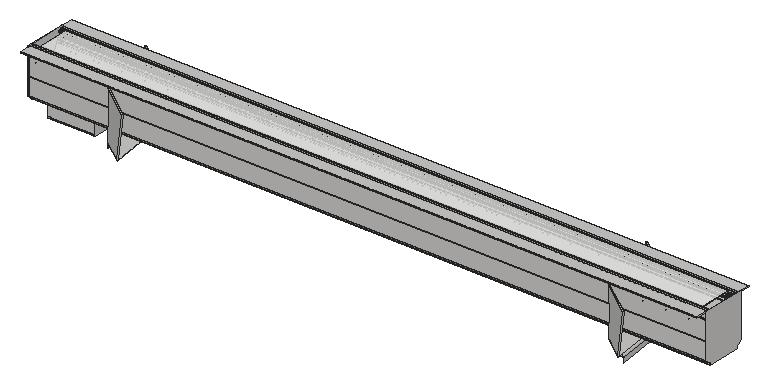
Revit family "CLighting-Luminii-Vesta_2_TL", category Lighting Fixtures, host Face, Revit 2020
Family settings
  Host = Face
  Round Connector Dimension = Use Diameter
  Part Type = Normal
  OmniClass Number = 23.80.70.11.14.21
  OmniClass Title = Spots and Tracklight Specialties
  Cut with Voids When Loaded = No
  Light Source = Yes
  Shared = Yes
  Room Calculation Point = No
Parameters (values of type "Vesta 2 TL - 4'")
  Width = 4.52756"  # constant formula
  Wattage Comments = "3.8 W"
  Wattage = 3.8 W
  Warranty URL = "https://www.luminii.com/terms-conditions/"
  built-in parameter 1150110 = 1 (stored number, unit not read)
  Voltage Comments = "120/277/347V"  # constant formula
  Voltage = 120 V
  Version = "2020 - v1.0a"  # constant formula
  URL = "https://www.luminii.com/"
  built-in parameter 1114217 = 1 (stored number, unit not read)
  Tilt Angle = -90.00°  # constant formula
  built-in parameter 1150109 = 1 (stored number, unit not read)
  built-in parameter 1150134 = (empty or 0)
  built-in parameter 1150113 = 1 (stored number, unit not read)
  Support Phone = "224-699-9545"  # constant formula
  Support Email = "mailto:support@bimsmith.com"
  Right Junction Box [instance] = not(Left Junction Box)  # no
  Right Cap [instance] = yes
  Product Page URL = "https://www.luminii.com/product/vesta-2-tl/"
  Power Source Type = "Driver"  # constant formula
  Power Factor = 1
  Photometric Web File = "358-90-4-35-25-04.ies"
  Phase = 1
  Operating Temperature = "Consult Manufacturer Website for more Information"  # constant formula
  Number of Poles = if(and(or(Voltage = 120 V, Voltage = 277 V), Phase = 1), 1, if(and(or(Voltage = 208 V, Voltage = 240 V), Phase = 1), 2, if(and(or(Voltage = 208 V, Voltage = 240 V), Phase = 3), 3, if(and(Voltage > 300 V, Phase = 1), 2, if(and(Voltage > 400 V, Phase = 3), 3, 1)))))  # 1
  Mounting Method = "Ceiling Mounted"  # constant formula
  Model = "358"  # constant formula
  Manufacturer Phone Number = "403-216-7043"  # constant formula
  Manufacturer Email = "mailto: info@sensolighting.com"
  Manufacturer Address = "302 50 Ave SE. Calgary, Alberta, T2G 2A9 Canada"  # constant formula
  Manufacturer = "Luminii"  # constant formula
  built-in parameter 1150105 = 51.407 (stored number, unit not read)
  Lumens = 646 lm
  Luminaire Type = "Trimless recessed linear LED system for drywall ceilings"  # constant formula
  built-in parameter 1150115 = 1 (stored number, unit not read)
  Load Classification = Lighting
  built-in parameter 1150137 = (empty or 0)
  built-in parameter 1150139 = (empty or 0)
  Length = if(Constraints = 1, 24", if(Constraints = 2, 48", if(Constraints = 3, 60", if(Constraints = 4, 72", if(Constraints = 5, 96", if(Constraints = 6, 120", if(Constraints = 7, 144", 24")))))))  # 48"
  Left Junction Box [instance] = yes
  Left Cap [instance] = yes
  built-in parameter 1150112 = 1 (stored number, unit not read)
  built-in parameter 1150114 = 1 (stored number, unit not read)
  Lamp Life = 1
  Lamp = "N/A"  # constant formula
  Keynote = "26 50 00"
  built-in parameter 1150132 = (empty or 0)
  built-in parameter 1150102 = (empty or 0)
  built-in parameter 1150107 = 3500 (stored number, unit not read)
  built-in parameter 1150138 = (empty or 0)
  built-in parameter 1150106 = 0.51407 (stored number, unit not read)
  Housing Protection Rating = "Consult Manufacturer Website for more Information"  # constant formula
  Has Dimming = 1 = 1  # yes
  Has Battery Backup = 1 = 1  # yes
  Frequency Comments = ""  # constant formula
  Frequency = 60 Hz
  Finish = Metal - Luminii - Silver Anodized Aluminum
  Environment = "Indoor"  # constant formula
  Emit from Rectangle Width = 2.40157"  # constant formula
  Emit from Rectangle Length = Length  # 48"
  Emit Shape Visible in Rendering = no
  built-in parameter 1150104 = 15.794 (stored number, unit not read)
  Dimming Type = "Consult Manufacturer Website for more Information"  # constant formula
  Dimming Lamp Color Temperature Shift = <None>
  Description = "Trimless Recessed Linear"  # constant formula
  Depth = 3.50394"  # constant formula
  Default Elevation = 0"  # constant formula
  Current Amps = 50 A
  Copyright = "©2023 Luminii"  # constant formula
  Control Zone = "Consult Manufacturer Website for more Information"  # constant formula
  Control Type = "Consult Manufacturer Website for more Information"  # constant formula
  Constraints = 2
  Color Filter = 16777215
  built-in parameter 1114216 [instance] = 0  # (empty or 0)
  built-in parameter 1140040 [instance] = 1 = 1  # 1
  C Void Width = 3.08661"  # constant formula
  C Right Cap Offset [instance] = if(Right Cap, 0.3752", 0")  # 0.3752"
  C Length Mid = Length / 2  # 24"
  C Left Cap Offset [instance] = if(Left Cap, 0.3752", 0")  # 0.3752"
  C End Cap Right [instance] = if(Right Cap, 0.04764", 0")  # 0.04764"
  C End Cap Left [instance] = if(Left Cap, 0.04764", 0")  # 0.04764"
  built-in parameter 1114218 = 1 (stored number, unit not read)
  built-in parameter 1150133 = 10 (stored number, unit not read)
  Assembly Code = "D5020230"
  Apparent Load = Wattage / Power Factor  # 3.8 VA
Types (5): name | Photometric Web File | Length | Emit from Rectangle Length | Constraints | C Length Mid
  Vesta 2 TL - 4' | "358-90-4-35-25-04.ies" | 48" | 48" | 2 | 24"
  Vesta 2 TL - 6' | "358-90-4-35-25-06.ies" | 72" | 72" | 4 | 36"
  Vesta 2 TL - 8' | "358-90-4-35-35-08.ies" | 96" | 96" | 5 | 48"
  Vesta 2 TL - 10' | "358-90-4-35-25-10.ies" | 120" | 120" | 6 | 60"
  Vesta 2 TL - 12' | "358-90-4-35-25-12.ies" | 144" | 144" | 7 | 72"
Reference planes (in)
  plane 1 "Center (Front/Back)": y = 0
  plane 2: z = 0
  plane 3 "Center (Left/Right)": x = 0
  plane 4: x = -24
  plane 5: x = 24
  plane 6: y = 1.54331
  plane 7: y = -1.54331
  plane 8 "A": z = 0
  plane 9: x = -24.04764
  plane 10: x = 24.04764
Forms (in)
  Extrusion 1, solid, material "Metal - Luminii - Silver Anodized Aluminum", not visible
    sketch origin (0, 0, 0) x (1, 0, 0) y (0, 1, 0)
      loop
        circle (0, 0) r 0.5
    from 0 to -0.17225
  Extrusion 2, void
    sketch origin (0, 0, 0) x (1, 0, 0) y (0, 1, 0)
      loop
        line (-24.04764, 1.54331) -> (-24.04764, -1.70512) -> (24.04764, -1.70512) -> (24.04764, 1.54331) -> (-24.04764, 1.54331)
    from -3.44094 to 0
Dimensions and locks (in)
  equal spacing: plane 4, plane 3 "Center (Left/Right)", plane 5
  equal spacing: plane 6, plane 1 "Center (Front/Back)", plane 7
  "C Void Width": plane 6 to plane 7
  "C End Cap Right": plane 5 to plane 10
  "C End Cap Left": plane 9 to plane 4
  "C Length Mid": plane 4 to plane 3 "Center (Left/Right)"
  "C Length Mid": plane 3 "Center (Left/Right)" to plane 5
  locked: imposter light to plane 2 at 0.04724
  locked: plane 2 to Extrusion 2 at 3.44094
  aligned and locked: host face to plane 2
  aligned and locked: plane 3 "Center (Left/Right)" to Extrusion 1 sketch curve
  aligned and locked: plane 1 "Center (Front/Back)" to Extrusion 1 sketch curve
  aligned and locked: plane 2 to Extrusion 1  (x2)
  aligned and locked: nested 1 to plane 4
  aligned and locked: plane 1 "Center (Front/Back)" to nested 1
  aligned and locked: imposter light to plane 1 "Center (Front/Back)"
  aligned and locked: plane 3 "Center (Left/Right)" to imposter light
  aligned and locked: Extrusion 2 sketch curve to plane 6
  aligned and locked: plane 2 to Extrusion 2
  aligned and locked: Extrusion 2 sketch curve to plane 9
  aligned and locked: Extrusion 2 sketch curve to plane 10
Automatic sketch dimensions
  host sketch curve to host sketch curve = 193.24349"
  host sketch curve to host sketch curve = 99"
  Extrusion 2 sketch curve to plane 7 = 0.16182"
  radius of Extrusion 1 sketch curve = 1/2"
Nested families (in)
  nested 1: "Nested - Track" at (0, 0, 0), type "Nested - Track"
Connectors (in)
  electrical at (0, 0, 0), driven by "Number of Poles", driven by "Load Classification", driven by "Voltage", driven by "Apparent Load", driven by "Power Factor"
    settings: on Extrusion 1, index 1, voltage 120 V, apparent load 3.8 VA, apparent load phase1 0 VA, apparent load phase2 0 VA, apparent load phase3 0 VA, power factor 1, load classification "Lighting", number of poles 1, system type 30, power factor state 1, is connector primary yes, connector utility no, sub classification motor no, connector description "Power Connection"
Definition of nested family "Nested - Track"
  Parameters (values of type "Nested - Track")
    Slot Bracket Height Option 1 = no
    Slot Bracket Height = if(Slot Bracket Height Option 1, 1.60748", 1.42244")  # 1.42244"
    Right Junction Box = no
    Right Cap = yes
    Light = none
    Length = 48"
    Left Junction Box = yes
    Left Cap = yes
    Finish = none
    Default Elevation = 48"
  Reference planes (in)
    plane 1 "Center (Front/Back)": y = 0
    plane 2: z = 0
    plane 3 "Center (Left/Right)": x = 0
    plane 4: x = -24
    plane 5: x = 24
  Forms (in)
    Extrusion 1, solid
      sketch origin (0, 0, 0) x (1, 0, 0) y (0, 1, 0)
        loop
          line (-48, 48) -> (-48, -48) -> (48, -48) -> (48, 48) -> (-48, 48)
      from 0 to -12
    Sweep 2, solid, material <- "Finish", detail levels fine
      path origin (0, 0, 0) x (1, 0, 0) y (0, 1, 0)
        loop
          line (-24, 0) -> (24, 0)
      profile origin (0, 0, 0) x (0, 1, 0) y (0, 0, 1)
        loop
          line (1.3937, -0.2126) -> (1.45276, -0.27165) -> (1.45276, -0.35039)
          arc (1.45276, -0.35039) -> (1.3248, -0.47835) -> (1.19685, -0.35039) r 0.12795
          line (1.19685, -0.35039) -> (1.19685, -0.27165) -> (1.25591, -0.2126) -> (1.25591, 0.06299) -> (1.19685, 0.06299) -> (1.19685, -0.0315) -> (1.10039, -0.0315) -> (1.05315, -0.07874) -> (1.05315, -0.12992) -> (1.16535, -0.12992) -> (1.16535, -0.225) -> (1.11811, -0.33111) -> (1.11811, -0.40795)
          arc (1.11811, -0.40795) -> (1.10186, -0.4117) -> (1.08617, -0.41734) r 0.14132
          arc (1.08617, -0.41734) -> (1.07441, -0.46556) -> (1.11811, -0.48908) r 0.04057
          arc (1.11811, -0.48908) -> (1.20194, -0.56522) -> (1.09011, -0.58302) r 0.06281
          arc (1.09011, -0.58302) -> (1.03866, -0.57767) -> (1.02555, -0.62771) r 0.03972
          arc (1.02555, -0.62771) -> (1.04965, -0.65838) -> (1.08427, -0.67637) r 0.09235
          line (1.08427, -0.67637) -> (1.12809, -0.69588)
          arc (1.12809, -0.69588) -> (1.15317, -0.76123) -> (1.08783, -0.78631) r 0.04949
          line (1.08783, -0.78631) -> (0.94396, -0.72226) -> (0.90713, -0.80498) -> (1.12293, -0.90106)
          arc (1.12293, -0.90106) -> (1.15467, -0.98376) -> (1.07197, -1.01551) r 0.06264
          line (1.07197, -1.01551) -> (0.85618, -0.91943) -> (0.80333, -1.03812) -> (0.87526, -1.07014) -> (0.92724, -1.05019) -> (1.03514, -1.09823)
          arc (1.03514, -1.09823) -> (1.17344, -1.0913) -> (1.24965, -0.9757) r 0.15319
          line (1.24965, -0.9757) -> (1.28107, -0.701)
          arc (1.28107, -0.701) -> (1.34664, -0.64577) -> (1.40551, -0.70809) r 0.06242
          line (1.40551, -0.70809) -> (1.40551, -1.86614) -> (1.2874, -1.86614) -> (1.26727, -1.75197) -> (1.18853, -1.75197) -> (1.18853, -1.95669) -> (1.45276, -1.95669) -> (1.45276, -2.81496) -> (1.33465, -2.81496) -> (1.33465, -2.90551) -> (1.45276, -2.90551) -> (1.45276, -3.02362) -> (1.37402, -3.02362) -> (1.37402, -3.09703) -> (1.30962, -3.16142) -> (1.2271, -3.16142) -> (1.2271, -3.02362) -> (0.33071, -3.02362) -> (0.33071, -3.27165) -> (0.23228, -3.27165) -> (0.23228, -3.02362) -> (0.06269, -3.02362) -> (0.06269, -3.27165) -> (0, -3.27165) -> (-0.06269, -3.27165) -> (-0.06269, -3.02362) -> (-0.23228, -3.02362) -> (-0.23228, -3.27165) -> (-0.33071, -3.27165) -> (-0.33071, -3.02362) -> (-1.2271, -3.02362) -> (-1.2271, -3.16142) -> (-1.30962, -3.16142) -> (-1.37402, -3.09703) -> (-1.37402, -3.02362) -> (-1.45276, -3.02362) -> (-1.45276, -2.90551) -> (-1.33465, -2.90551) -> (-1.33465, -2.81496) -> (-1.45276, -2.81496) -> (-1.45276, -1.95669) -> (-1.18853, -1.95669) -> (-1.18853, -1.75197) -> (-1.26727, -1.75197) -> (-1.2874, -1.86614) -> (-1.40551, -1.86614) -> (-1.40551, -0.70809)
          arc (-1.40551, -0.70809) -> (-1.34664, -0.64577) -> (-1.28107, -0.701) r 0.06242
          line (-1.28107, -0.701) -> (-1.24965, -0.9757)
          arc (-1.24965, -0.9757) -> (-1.17344, -1.0913) -> (-1.03514, -1.09823) r 0.15319
          line (-1.03514, -1.09823) -> (-0.92724, -1.05019) -> (-0.87526, -1.07014) -> (-0.80333, -1.03812) -> (-0.85618, -0.91943) -> (-1.07197, -1.01551)
          arc (-1.07197, -1.01551) -> (-1.15467, -0.98376) -> (-1.12293, -0.90106) r 0.06264
          line (-1.12293, -0.90106) -> (-0.90713, -0.80498) -> (-0.94396, -0.72226) -> (-1.08783, -0.78631)
          arc (-1.08783, -0.78631) -> (-1.15317, -0.76123) -> (-1.12809, -0.69588) r 0.04949
          line (-1.12809, -0.69588) -> (-1.08427, -0.67637)
          arc (-1.08427, -0.67637) -> (-1.04965, -0.65838) -> (-1.02555, -0.62771) r 0.09235
          arc (-1.02555, -0.62771) -> (-1.03866, -0.57767) -> (-1.09011, -0.58302) r 0.03972
          arc (-1.09011, -0.58302) -> (-1.20194, -0.56522) -> (-1.11811, -0.48908) r 0.06281
          arc (-1.11811, -0.48908) -> (-1.07441, -0.46556) -> (-1.08617, -0.41734) r 0.04057
          arc (-1.08617, -0.41734) -> (-1.10186, -0.4117) -> (-1.11811, -0.40795) r 0.14132
          line (-1.11811, -0.40795) -> (-1.11811, -0.33111) -> (-1.16535, -0.225) -> (-1.16535, -0.12992) -> (-1.05315, -0.12992) -> (-1.05315, -0.07874) -> (-1.10039, -0.0315) -> (-1.19685, -0.0315) -> (-1.19685, 0.06299) -> (-1.25591, 0.06299) -> (-1.25591, -0.2126) -> (-1.19685, -0.27165) -> (-1.19685, -0.35039)
          arc (-1.19685, -0.35039) -> (-1.3248, -0.47835) -> (-1.45276, -0.35039) r 0.12795
          line (-1.45276, -0.35039) -> (-1.45276, -0.27165) -> (-1.3937, -0.2126) -> (-1.3937, 0.06299) -> (-2.26378, 0.06299) -> (-2.26378, 0) -> (-1.54331, 0) -> (-1.54331, -0.35553)
          arc (-1.54331, -0.35553) -> (-1.52892, -0.42733) -> (-1.49606, -0.49278) r 0.27456
          line (-1.49606, -0.49278) -> (-1.49606, -1.8189) -> (-1.54331, -1.86614) -> (-1.54331, -3.06693) -> (-1.35827, -3.25197) -> (-1.16142, -3.25197) -> (-1.16142, -3.44094) -> (-1.08268, -3.44094) -> (-1.08268, -3.25197) -> (-1.00328, -3.25197) -> (-0.94637, -3.37402) -> (-0.84646, -3.37402) -> (-0.96762, -3.11417) -> (-0.42126, -3.11417) -> (-0.42126, -3.3622) -> (0, -3.3622) -> (0.42126, -3.3622) -> (0.42126, -3.11417) -> (0.96762, -3.11417) -> (0.84646, -3.37402) -> (0.94637, -3.37402) -> (1.00328, -3.25197) -> (1.08268, -3.25197) -> (1.08268, -3.44094) -> (1.16142, -3.44094) -> (1.16142, -3.25197) -> (1.35827, -3.25197) -> (1.54331, -3.06693) -> (1.54331, -1.86614) -> (1.49606, -1.8189) -> (1.49606, -0.49278)
          arc (1.49606, -0.49278) -> (1.52892, -0.42733) -> (1.54331, -0.35553) r 0.27456
          line (1.54331, -0.35553) -> (1.54331, 0) -> (2.26378, 0) -> (2.26378, 0.06299) -> (1.3937, 0.06299) -> (1.3937, -0.2126)
    Extrusion 3, solid, material <- "Light"
      sketch origin (0, 0, -0.03543) x (0, 1, 0) y (0, 0, 1)
        loop
          arc (-1.14092, 0.08268) -> (-1.17039, 0.07115) -> (-1.18192, 0.04331) r 0.03937
          line (-1.18192, 0.04331) -> (-1.18192, 0.00394) -> (-1.04412, 0.00394) -> (-1.04412, -0.07172) -> (-1.08011, -0.10771)
          arc (-1.08011, -0.10771) -> (-1.10318, -0.16339) -> (-1.08011, -0.21906) r 0.07874
          line (-1.08011, -0.21906) -> (-1.03502, -0.26416)
          arc (-1.03502, -0.26416) -> (-0.99883, -0.26416) -> (-0.99883, -0.22797) r 0.02559
          line (-0.99883, -0.22797) -> (-1.06341, -0.16339) -> (-0.99294, -0.09292) -> (-0.99294, 0.00394) -> (0.99294, 0.00394) -> (0.99294, -0.09292) -> (1.06341, -0.16339) -> (0.99883, -0.22797)
          arc (0.99883, -0.22797) -> (0.99883, -0.26416) -> (1.03502, -0.26416) r 0.02559
          line (1.03502, -0.26416) -> (1.08011, -0.21906)
          arc (1.08011, -0.21906) -> (1.10318, -0.16339) -> (1.08011, -0.10771) r 0.07874
          line (1.08011, -0.10771) -> (1.04412, -0.07172) -> (1.04412, 0.00394) -> (1.18192, 0.00394) -> (1.18192, 0.04331)
          arc (1.18192, 0.04331) -> (1.17039, 0.07115) -> (1.14255, 0.08268) r 0.03937
          line (1.14255, 0.08268) -> (-1.14092, 0.08268)
      from -23.5 to 23.5
    Sweep 4, solid, material <- "Finish", detail levels coarse+medium
      path origin (0, 0, 0) x (1, 0, 0) y (0, 1, 0)
        loop
          line (-24, 0) -> (24, 0)
      profile origin (0, 0, 0) x (0, 1, 0) y (0, 0, 1)
        loop
          line (1.10039, -0.0315) -> (1.05315, -0.07874) -> (1.05315, -0.12992) -> (1.16535, -0.12992) -> (1.16535, -0.225) -> (1.11811, -0.33111) -> (1.11811, -0.7998) -> (0.94396, -0.72226) -> (0.81935, -1.00215) -> (1.22591, -1.18317) -> (1.28026, -0.70809) -> (1.40551, -0.70809) -> (1.40551, -1.86614) -> (1.45276, -1.95669) -> (1.45276, -3.02362) -> (0, -3.02362) -> (-1.45276, -3.02362) -> (-1.45276, -1.95669) -> (-1.40551, -1.86614) -> (-1.40551, -0.70809) -> (-1.28026, -0.70809) -> (-1.22591, -1.18317) -> (-0.81935, -1.00215) -> (-0.94396, -0.72226) -> (-1.11811, -0.7998) -> (-1.11811, -0.33111) -> (-1.16535, -0.225) -> (-1.16535, -0.12992) -> (-1.05315, -0.12992) -> (-1.05315, -0.07874) -> (-1.10039, -0.0315) -> (-1.19685, -0.0315) -> (-1.19685, 0.06299) -> (-2.26378, 0.06299) -> (-2.26378, 0) -> (-1.54331, 0) -> (-1.54331, -0.35553)
          arc (-1.54331, -0.35553) -> (-1.52892, -0.42733) -> (-1.49606, -0.49278) r 0.27456
          line (-1.49606, -0.49278) -> (-1.49606, -1.8189) -> (-1.54331, -1.86614) -> (-1.54331, -3.06693) -> (-1.35827, -3.25197) -> (-1.16142, -3.25197) -> (-1.16142, -3.44094) -> (-1.08268, -3.44094) -> (-1.08268, -3.37402) -> (-0.84646, -3.37402) -> (-0.96762, -3.11417) -> (-0.42126, -3.11417) -> (-0.42126, -3.3622) -> (0, -3.3622) -> (0.42126, -3.3622) -> (0.42126, -3.11417) -> (0.96762, -3.11417) -> (0.84646, -3.37402) -> (1.08268, -3.37402) -> (1.08268, -3.44094) -> (1.16142, -3.44094) -> (1.16142, -3.25197) -> (1.35827, -3.25197) -> (1.54331, -3.06693) -> (1.54331, -1.86614) -> (1.49606, -1.8189) -> (1.49606, -0.49278)
          arc (1.49606, -0.49278) -> (1.52892, -0.42733) -> (1.54331, -0.35553) r 0.27456
          line (1.54331, -0.35553) -> (1.54331, 0) -> (2.26378, 0) -> (2.26378, 0.06299) -> (1.19685, 0.06299) -> (1.19685, -0.0315) -> (1.10039, -0.0315)
    Extrusion 5, solid, material <- "Finish"
      sketch origin (0, 0, -0.09562) x (0, 1, 0) y (0, 0, 1)
        loop
          line (1.04821, -0.31522) -> (0.56, -1.41176) -> (-0.56, -1.41176) -> (-1.04821, -0.31522) -> (-1.07734, -0.32819) -> (-0.58121, -1.44252) -> (0.58121, -1.44252) -> (1.07734, -0.32819) -> (1.04821, -0.31522)
      from -24 to 24
  Lines and regions (in)
    reference lines
      curve 1: line (17.75, 0, -9.15777) -> (17.75, 0, 2.09223)
      curve 2: line (-17.75, 0, -9.15777) -> (-17.75, 0, 2.09223)
      curve 3: line (0, 3.26533, -1.42244) -> (0, -3.37026, -1.42244)
  Dimensions and locks (in)
    equal spacing: plane 4, plane 3 "Center (Left/Right)", plane 5
    "Length": plane 4 to plane 5
    locked: plane 5 to curve 1 at 6.25
    locked: curve 2 to plane 4 at 6.25
    locked: nested 4 to plane 4 at 0.79528
    locked: plane 5 to nested 3 at 0.79528
    "Slot Bracket Height": plane 2 to curve 3
    locked: plane 4 to Extrusion 3 at 0.5
    locked: Extrusion 3 to plane 5 at 0.5
    aligned and locked: plane 2 to Extrusion 1
    aligned and locked: level to Extrusion 1
    aligned and locked: plane 4 to Sweep 2 sketch curve
    aligned and locked: plane 1 "Center (Front/Back)" to Sweep 2 sketch curve
    aligned and locked: plane 5 to Sweep 2 sketch curve
    aligned and locked: plane 4 to Sweep 4 sketch curve
    aligned and locked: plane 5 to Sweep 4 sketch curve
    aligned and locked: plane 1 "Center (Front/Back)" to Sweep 4 sketch curve
    aligned and locked: plane 1 "Center (Front/Back)" to nested 1
    aligned and locked: nested 2 to plane 1 "Center (Front/Back)"
    aligned and locked: plane 4 to nested 2
    aligned and locked: plane 5 to nested 1
    aligned and locked: plane 1 "Center (Front/Back)" to nested 3
    aligned and locked: Extrusion 5 to plane 4
    aligned and locked: plane 5 to Extrusion 5
    aligned and locked: curve 1 to nested 6
    aligned and locked: nested 5 to curve 2
  Automatic sketch dimensions
    Extrusion 1 sketch curve to Extrusion 1 sketch curve = 96"  (x2)
    Extrusion 3 sketch curve to level = 0.0315"  (x2)
    plane 1 "Center (Front/Back)" to Extrusion 3 sketch curve = 1.18192"
    Extrusion 3 sketch curve to Extrusion 3 sketch curve = 0.03937"  (x4)
    Extrusion 3 sketch curve to level = 0.2545"  (x2)
    Extrusion 3 sketch curve to Extrusion 3 sketch curve = 0.1018"
    Extrusion 3 sketch curve to level = 0.14314"  (x2)
    Extrusion 3 sketch curve to Extrusion 3 sketch curve = 0"  (x6)
    Extrusion 3 sketch curve to level = 0.19882"  (x2)
    Extrusion 3 sketch curve to Extrusion 3 sketch curve = 0.0167"  (x2)
    Extrusion 3 sketch curve to level = 0.10715"  (x2)
    Extrusion 3 sketch curve to Extrusion 3 sketch curve = 0.03599"  (x2)
    Extrusion 3 sketch curve to Extrusion 3 sketch curve = 0.04509"
    Extrusion 3 sketch curve to Extrusion 3 sketch curve = 0.03897"  (x2)
    Extrusion 3 sketch curve to Extrusion 3 sketch curve = 0.0181"  (x6)
    Extrusion 3 sketch curve to level = 0.2634"  (x2)
    Extrusion 3 sketch curve to Extrusion 3 sketch curve = 0.05118"  (x2)
    Extrusion 3 sketch curve to plane 1 "Center (Front/Back)" = 0.99294"
    Extrusion 3 sketch curve to Extrusion 3 sketch curve = 0.00589"
    Extrusion 3 sketch curve to Extrusion 3 sketch curve = 0.02561"
    Extrusion 3 sketch curve to Extrusion 3 sketch curve = 0.09843"
    Extrusion 3 sketch curve to Extrusion 3 sketch curve = 0.00163"
    Extrusion 5 sketch curve to level = 0.4238"  (x2)
    plane 1 "Center (Front/Back)" to Extrusion 5 sketch curve = 1.07734"
    Extrusion 5 sketch curve to level = 0.41083"  (x2)
    Extrusion 5 sketch curve to Extrusion 5 sketch curve = 0.02913"  (x2)
    Extrusion 5 sketch curve to plane 1 "Center (Front/Back)" = 0.56"
    Extrusion 5 sketch curve to Extrusion 5 sketch curve = 0.02121"  (x2)
    Extrusion 5 sketch curve to Extrusion 5 sketch curve = 0.49613"
    curve 2 to level = 9.15777"
    curve 1 to level = 9.15777"
    level to curve 2 = 2.09223"
    level to curve 1 = 2.09223"
    Sweep 2 sketch curve to Sweep 2 sketch curve = 0"  (x18)
    Sweep 2 sketch curve to Sweep 2 sketch curve = 0.72047"  (x2)
    Sweep 2 sketch curve to Sweep 2 sketch curve = 0.04724"  (x8)
    Sweep 2 sketch curve to Sweep 2 sketch curve = 0.09055"  (x16)
    Sweep 2 sketch curve to Sweep 2 sketch curve = 0.05906"  (x8)
    Sweep 2 sketch curve to Sweep 2 sketch curve = 0.07874"  (x11)
    Sweep 2 sketch curve to Sweep 2 sketch curve = 0.01575"
    Sweep 2 sketch curve to Sweep 2 sketch curve = 0.06242"
    Sweep 2 sketch curve to Sweep 2 sketch curve = 0.11811"  (x6)
    Sweep 2 sketch curve to Sweep 2 sketch curve = 0.12795"
    Sweep 2 sketch curve to Sweep 2 sketch curve = 0.06439"  (x3)
    Sweep 2 sketch curve to level = 0.701"
    Sweep 2 sketch curve to Sweep 2 sketch curve = 0.06202"  (x2)
    Sweep 2 sketch curve to Sweep 2 sketch curve = 0.05549"  (x2)
    Sweep 2 sketch curve to Sweep 2 sketch curve = 0.02013"  (x5)
    Sweep 2 sketch curve to Sweep 2 sketch curve = 0.03142"
    Sweep 2 sketch curve to Sweep 2 sketch curve = 0.08253"  (x2)
    Sweep 2 sketch curve to Sweep 2 sketch curve = 0.0315"  (x2)
    Sweep 2 sketch curve to Sweep 2 sketch curve = 0.19685"
    Sweep 2 sketch curve to Sweep 2 sketch curve = 0.0551"
    Sweep 2 sketch curve to Sweep 2 sketch curve = 0.01366"
    Sweep 2 sketch curve to Sweep 2 sketch curve = 0.12672"  (x2)
    Sweep 2 sketch curve to Sweep 2 sketch curve = 0.00664"  (x3)
    Sweep 2 sketch curve to Sweep 2 sketch curve = 0.03316"  (x2)
    Sweep 2 sketch curve to Sweep 2 sketch curve = 0.09646"  (x2)
    Sweep 2 sketch curve to Sweep 2 sketch curve = 0.02548"  (x4)
    Sweep 2 sketch curve to Sweep 2 sketch curve = 0.04382"  (x2)
    Sweep 2 sketch curve to Sweep 2 sketch curve = 0.04732"  (x2)
    Sweep 2 sketch curve to Sweep 2 sketch curve = 0.03683"  (x3)
    Sweep 2 sketch curve to Sweep 2 sketch curve = 0.0794"
    Sweep 2 sketch curve to Sweep 2 sketch curve = 0.03566"
    Sweep 2 sketch curve to Sweep 2 sketch curve = 0.05691"  (x2)
    Sweep 2 sketch curve to Sweep 2 sketch curve = 0.14031"
    Sweep 2 sketch curve to Sweep 2 sketch curve = 0.1079"  (x2)
    Sweep 2 sketch curve to Sweep 2 sketch curve = 0.05198"  (x2)
    Sweep 2 sketch curve to Sweep 2 sketch curve = 0.05095"  (x2)
    Sweep 2 sketch curve to Sweep 2 sketch curve = 0.09991"  (x2)
    Sweep 2 sketch curve to Sweep 2 sketch curve = 0.07193"  (x2)
    Sweep 2 sketch curve to Sweep 2 sketch curve = 0.4252"  (x2)
    Sweep 2 sketch curve to Sweep 2 sketch curve = 0.09843"  (x4)
    Sweep 2 sketch curve to Sweep 2 sketch curve = 0.16959"  (x2)
    Sweep 2 sketch curve to Sweep 2 sketch curve = 0.06269"  (x2)
    Sweep 2 sketch curve to Sweep 2 sketch curve = 1.60666"
    Sweep 2 sketch curve to level = 0.91943"
    Sweep 2 sketch curve to Sweep 2 sketch curve = 0.05284"
    Sweep 2 sketch curve to level = 1.07014"
    Sweep 2 sketch curve to level = 0.72226"
    Sweep 2 sketch curve to Sweep 2 sketch curve = 0.02125"
    Sweep 2 sketch curve to Sweep 2 sketch curve = 0.10919"
    Sweep 2 sketch curve to Sweep 2 sketch curve = 0.1173"
    Sweep 2 sketch curve to level = 1.01551"
    Sweep 2 sketch curve to Sweep 2 sketch curve = 0.13631"
    Sweep 2 sketch curve to Sweep 2 sketch curve = 0.02301"
    Sweep 2 sketch curve to Sweep 2 sketch curve = 0.00356"
    Sweep 2 sketch curve to Sweep 2 sketch curve = 0.00289"
    Sweep 2 sketch curve to level = 0.90106"
    Sweep 2 sketch curve to level = 0.69588"
    Sweep 2 sketch curve to Sweep 2 sketch curve = 0.1122"
    Sweep 2 sketch curve to Sweep 2 sketch curve = 0.15339"
    Sweep 2 sketch curve to Sweep 2 sketch curve = 0.06568"
    Sweep 2 sketch curve to level = 0.9757"
    Sweep 2 sketch curve to Sweep 2 sketch curve = 0.07246"
    Sweep 2 sketch curve to Sweep 2 sketch curve = 0.15298"
    Sweep 2 sketch curve to Sweep 2 sketch curve = 0.10755"
    Sweep 2 sketch curve to Sweep 2 sketch curve = 0.04864"
    Sweep 2 sketch curve to Sweep 2 sketch curve = 0.03937"
    Sweep 2 sketch curve to Sweep 2 sketch curve = 0.1378"  (x2)
    Sweep 2 sketch curve to Sweep 2 sketch curve = 0.04331"  (x3)
    Sweep 2 sketch curve to Sweep 2 sketch curve = 0.14961"
    Sweep 2 sketch curve to Sweep 2 sketch curve = 0.08272"
    Sweep 2 sketch curve to Sweep 2 sketch curve = 0.39723"
    Sweep 2 sketch curve to Sweep 2 sketch curve = 0.65374"  (x2)
    Sweep 2 sketch curve to Sweep 2 sketch curve = 0.06693"  (x3)
    Sweep 2 sketch curve to Sweep 2 sketch curve = 0.85827"  (x2)
    Sweep 2 sketch curve to Sweep 2 sketch curve = 0.0734"  (x2)
    Sweep 2 sketch curve to Sweep 2 sketch curve = 0.15748"
    Sweep 2 sketch curve to Sweep 2 sketch curve = 0.12205"  (x2)
    Sweep 2 sketch curve to Sweep 2 sketch curve = 0.18898"
    Sweep 2 sketch curve to Sweep 2 sketch curve = 0.02809"
    Sweep 2 sketch curve to Sweep 2 sketch curve = 0.01995"  (x2)
    Sweep 2 sketch curve to Sweep 2 sketch curve = 0.03203"
    Sweep 2 sketch curve to Sweep 2 sketch curve = 0.03981"
    Sweep 2 sketch curve to Sweep 2 sketch curve = 0.11444"
    Sweep 2 sketch curve to Sweep 2 sketch curve = 0.04521"
    Sweep 2 sketch curve to Sweep 2 sketch curve = 0.01221"
    Sweep 2 sketch curve to Sweep 2 sketch curve = 0.01951"  (x2)
    Sweep 2 sketch curve to Sweep 2 sketch curve = 0.06605"  (x2)
    Sweep 2 sketch curve to Sweep 2 sketch curve = 0.02304"  (x2)
    Sweep 2 sketch curve to Sweep 2 sketch curve = 0.04001"  (x2)
    Sweep 2 sketch curve to Sweep 2 sketch curve = 0.21531"  (x2)
    Sweep 2 sketch curve to Sweep 2 sketch curve = 0.09821"  (x2)
    Sweep 2 sketch curve to Sweep 2 sketch curve = 0.04111"  (x2)
    Sweep 2 sketch curve to Sweep 2 sketch curve = 0.13725"  (x2)
    Sweep 2 sketch curve to Sweep 2 sketch curve = 0.01242"  (x2)
    Sweep 2 sketch curve to Sweep 2 sketch curve = 0.07683"  (x2)
    Sweep 2 sketch curve to Sweep 2 sketch curve = 0.04665"  (x2)
    Sweep 2 sketch curve to Sweep 2 sketch curve = 0.09508"  (x2)
    Sweep 2 sketch curve to Sweep 2 sketch curve = 0.05118"  (x2)
    Sweep 2 sketch curve to Sweep 2 sketch curve = 0.2126"
    Sweep 2 sketch curve to Sweep 2 sketch curve = 0.35553"
    Sweep 2 sketch curve to Sweep 2 sketch curve = 0.06299"  (x2)
    Sweep 2 sketch curve to Sweep 2 sketch curve = 0.09449"  (x2)
    Sweep 2 sketch curve to Sweep 2 sketch curve = 0.01848"  (x2)
    Sweep 2 sketch curve to Sweep 2 sketch curve = 0.03194"  (x2)
    profile plane to Sweep 2 sketch curve = 2.26378"
    Sweep 4 sketch curve to level = 0"  (x2)
    Sweep 4 sketch curve to profile plane = 0"  (x2)
    Sweep 4 sketch curve to Sweep 4 sketch curve = 0.42126"  (x2)
    profile plane to Sweep 4 sketch curve = 0.81935"
    Sweep 4 sketch curve to Sweep 4 sketch curve = 0.4252"  (x2)
    Sweep 4 sketch curve to Sweep 4 sketch curve = 0.12462"  (x2)
    Sweep 4 sketch curve to Sweep 4 sketch curve = 0.12117"  (x2)
    Sweep 4 sketch curve to level = 0.12992"
    Sweep 4 sketch curve to Sweep 4 sketch curve = 0.10919"  (x2)
    Sweep 4 sketch curve to Sweep 4 sketch curve = 0.23622"  (x2)
    Sweep 4 sketch curve to level = 0.0315"  (x2)
    Sweep 4 sketch curve to Sweep 4 sketch curve = 0.04724"  (x9)
    Sweep 4 sketch curve to level = 0.33111"
    Sweep 4 sketch curve to Sweep 4 sketch curve = 0.06496"  (x2)
    Sweep 4 sketch curve to Sweep 4 sketch curve = 0.07874"  (x2)
    Sweep 4 sketch curve to Sweep 4 sketch curve = 0.1122"  (x2)
    level to Sweep 4 sketch curve = 0.06299"  (x2)
    Sweep 4 sketch curve to Sweep 4 sketch curve = 0.09646"  (x2)
    Sweep 4 sketch curve to Sweep 4 sketch curve = 0.1078"  (x2)
    Sweep 4 sketch curve to Sweep 4 sketch curve = 0.1512"  (x2)
    Sweep 4 sketch curve to Sweep 4 sketch curve = 0.16215"  (x2)
    Sweep 4 sketch curve to Sweep 4 sketch curve = 0.19685"  (x2)
    Sweep 4 sketch curve to Sweep 4 sketch curve = 0.1796"
    Sweep 4 sketch curve to Sweep 4 sketch curve = 0.09055"  (x8)
    Sweep 4 sketch curve to Sweep 4 sketch curve = 0.72047"  (x2)
    Sweep 4 sketch curve to profile plane = 0.81935"
    Sweep 4 sketch curve to level = 0.07874"
    Sweep 4 sketch curve to Sweep 4 sketch curve = 0.12525"
    Sweep 4 sketch curve to Sweep 4 sketch curve = 0.09449"
    Sweep 4 sketch curve to Sweep 4 sketch curve = 0.25237"
    Sweep 4 sketch curve to Sweep 4 sketch curve = 0.00686"  (x2)
    Sweep 4 sketch curve to Sweep 4 sketch curve = 0.01755"  (x2)
    Sweep 4 sketch curve to Sweep 4 sketch curve = 0.21531"  (x2)
    Sweep 4 sketch curve to Sweep 4 sketch curve = 0.01417"  (x2)
    Sweep 4 sketch curve to Sweep 4 sketch curve = 0.0917"  (x2)
    Sweep 4 sketch curve to Sweep 4 sketch curve = 0.63573"  (x2)
    Sweep 4 sketch curve to Sweep 4 sketch curve = 1.06693"
    Sweep 4 sketch curve to Sweep 4 sketch curve = 0.04331"  (x2)
    Sweep 4 sketch curve to Sweep 4 sketch curve = 0.22835"
    Sweep 4 sketch curve to Sweep 4 sketch curve = 0.1378"
    Sweep 4 sketch curve to Sweep 4 sketch curve = 0.33858"
    Sweep 4 sketch curve to Sweep 4 sketch curve = 0.25984"
    Sweep 4 sketch curve to Sweep 4 sketch curve = 0.12205"
    Sweep 4 sketch curve to Sweep 4 sketch curve = 0.06693"  (x2)
    Sweep 4 sketch curve to Sweep 4 sketch curve = 0.10611"
    Sweep 4 sketch curve to Sweep 4 sketch curve = 0.09508"  (x2)
    Sweep 4 sketch curve to Sweep 4 sketch curve = 0.05118"
    plane 1 "Center (Front/Back)" to curve 3 = 3.37026"
    curve 3 to plane 1 "Center (Front/Back)" = 3.26533"
  Nested families (in)
    nested 1: "Nested - Ends" at (24, 0, 0), visible <- "Right Cap", type "Default"
    nested 2: "Nested - Ends" at (-24, 0, 0) x (-1, 0, 0) z (0, 0, 1), visible <- "Left Cap", type "Default"
    nested 3: "Nested - JB" at (23.20472, 0, -4.52024), visible <- "Right Junction Box", type "Default", detail levels fine
    nested 4: "Nested - JB" at (-23.20472, 0, -4.52024) x (-1, 0, 0) z (0, 0, 1), visible <- "Left Junction Box", type "Default", detail levels fine
    nested 5: "Nested - Clips" at (-17.75, 0, -4.05945) x (-1, 0, 0) z (0, 0, 1), type "Default", detail levels fine
    nested 6: "Nested - Clips" at (17.75, 0, -4.05945), type "Default", detail levels fine
  Definition of nested family "Nested - Ends"
    Parameters (values of type "Default")
      Right Cap = yes
      Finish = none
      Default Elevation = 0"
    Reference planes (in)
      plane 1 "Center (Front/Back)": y = 0
      plane 2: z = 0
      plane 3 "Center (Left/Right)": x = 0
    Forms (in)
      Extrusion 1, solid, material <- "Finish"
        sketch origin (0.04764, -0.00081, 0) x (0, 0, 1) y (0, -1, 0)
          loop
            line (0.06299, -1.54412) -> (0.06299, 1.54249) -> (-3.06693, 1.54249) -> (-3.25197, 1.35745) -> (-3.25197, 1.1606) -> (-3.42913, 1.1606) -> (-3.42913, -1.16223) -> (-3.25197, -1.16223) -> (-3.25197, -1.35908) -> (-3.06693, -1.54412) -> (0.06299, -1.54412)
        from -0.04764 to 0
    Dimensions and locks (in)
      aligned and locked: plane 2 to level
  Definition of nested family "Nested - JB"
    Parameters (values of type "Default")
      Finish = none
      Default Elevation = 0"
    Reference planes (in)
      plane 1 "Center (Front/Back)": y = 0
      plane 2: z = 0
      plane 3 "Center (Left/Right)": x = 0
    Forms (in)
      Extrusion 1, solid, material <- "Finish"
        sketch origin (-3.57972, -0.95, 1.41) x (0, -1, 0) y (0, 0, -1)
          loop
            line (-1.77677, 0.00394) -> (-1.39291, 0.00394) -> (-1.39291, 0.25197) -> (-0.50709, 0.25197) -> (-0.50709, 0.00394) -> (-0.12323, 0.00394) -> (-0.12323, 1.29921)
            arc (-0.12323, 1.29921) -> (-0.15568, 1.37755) -> (-0.23402, 1.41) r 0.11079
            line (-0.23402, 1.41) -> (-1.66598, 1.41)
            arc (-1.66598, 1.41) -> (-1.74432, 1.37755) -> (-1.77677, 1.29921) r 0.11079
            line (-1.77677, 1.29921) -> (-1.77677, 0.00394)
        from 0.23327 to 3.57972
      Revolve 2, solid, material <- "Finish"
        sketch origin (-22.45472, 0, 4.52024) x (1, 0, 0) y (0, 0, 1)
          loop
            line (19.399, -4.52024) -> (19.399, -4.56573)
            arc (19.399, -4.56573) -> (19.649, -4.63121) -> (19.9065, -4.65325) r 1.51519
            line (19.9065, -4.65325) -> (19.9065, -4.52024) -> (19.399, -4.52024)
          axis (19.9065, -4.52024) -> (19.9065, -4.65325)
        angle from 0 to 360
    Dimensions and locks (in)
      aligned and locked: plane 2 to level
  Definition of nested family "Nested - Clips"
    Parameters (values of type "Default")
      Finish = none
      Default Elevation = 0"
    Reference planes (in)
      plane 1 "Center (Front/Back)": y = 0
      plane 2: z = 0
      plane 3 "Center (Left/Right)": x = 0
    Forms (in)
      Extrusion 1, solid, material <- "Finish"
        sketch origin (-34.96756, -1.28762, -1.52419) x (0.799449, -0.600734, 0) y (0, 0, 1)
          loop
            line (26.70796, 5) -> (23.54895, 5) -> (24.66667, 1.56002) -> (26.70796, 1.56002) -> (26.70796, 5)
        from -23.64622 to -23.61039
      Extrusion 2, solid, material <- "Finish"
        sketch origin (34.96756, 1.28762, -1.52419) x (-0.799449, 0.600734, 0) y (0, 0, 1)
          loop
            line (26.70796, 5) -> (23.54895, 5) -> (24.66667, 1.56002) -> (26.70796, 1.56002) -> (26.70796, 5)
        from -23.64622 to -23.61039
      Extrusion 3, solid, material <- "Finish"
        sketch origin (-34, 0, 0) x (1, 0, 0) y (0, 1, 0)
          loop
            line (33.5033, -1.44888) -> (33.41083, -1.57195) -> (35.04273, -2.79822) -> (35.07313, -2.75776) -> (35.13969, -2.56361) -> (34.55855, 1.5312) -> (34.58917, 1.57195) -> (32.89378, 2.84593) -> (33.5033, -1.44888)
        from 0 to 0.03583
      Extrusion 4, solid, material <- "Finish"
        sketch origin (1.15711, 0.27951, 0) x (-0.990079, -0.140513, 0) y (0, 0, -1)
          loop
            arc (0.28092, 0.1) -> (0.3207, 0.00396) -> (0.41674, -0.03583) r 0.13583
            line (0.41674, -0.03583) -> (0.41674, 0)
            arc (0.41674, 0) -> (0.34603, 0.02929) -> (0.31674, 0.1) r 0.1
            line (0.31674, 0.1) -> (0.31674, 0.42659) -> (0.28092, 0.42659) -> (0.28092, 0.1)
        from -1.17776 to 2.81247
    Cuts and joins
      joined: Extrusion 1, Extrusion 2, Extrusion 3, Extrusion 4
    Dimensions and locks (in)
      aligned and locked: plane 2 to level
